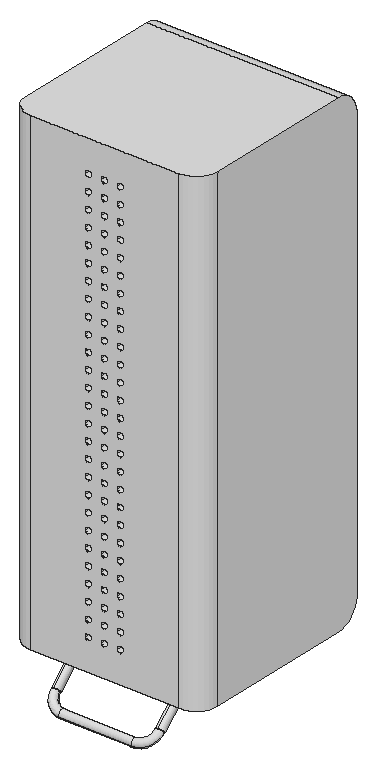
Revit family "PROOX Soap- desinfection dispenser EN", category Furniture, Revit 2014
Parameters (values of type "ONE pure")
  URL = "http://www.proox.com/"
  Type Comments = "ONE pure"
  Product webpage [instance] = "http://www.proox.com/EN/products/soap-dispenser/one-pure/"
  Product data sheet = "http://www.proox.com/fileadmin/dam/Download/Produktdatenbl%C3%A4tter/english/Productspecification_PU-140.pdf"
  Model = "PU-140"
  Material = Stainless steel, brushed
  Manufacturer = "PROOX Ltd."  # constant formula
  Keynote = ""
  EAN-No. = "9120050350045"
  Description = "soap- desinfection dispenser PROOX ONE pure made from stainless steel"
  Cost = 215
  BIM objects producer = "www.BIMtelligent.eu"  # constant formula
  Specification = "Soap- desinfection dispenser made out of stainless steel. Surface with fine brushed structure. Cover 1.5 mm thickness. Intended for wall mounting. Perforated fill level indicator with 4mm drillings. Soap dispenser lever made out of stainless steel. High quality pump. Filling bin with lid. 1.2 litres capacity. The unit can be dismounted for cleaning purpose. Lock not visible. Includes stainless steel screws and anchors."
Types (3, lengths in mm): name | Type Comments | Product webpage | Product data sheet | Model | Material | EAN-No. | Description | Cost | Specification
  (no name) | "ONE pure" | "http://www.proox.com/EN/products/soap-dispenser/one-pure/" | "http://www.proox.com/fileadmin/dam/Download/Produktdatenbl%C3%A4tter/english/Productspecification_PU-140.pdf" | "PU-140" | Stainless steel, brushed | "9120050350045" | "soap- desinfection dispenser PROOX ONE pure made from stainless steel" | 215 | "Soap- desinfection dispenser made out of stainless steel. Surface with fine brushed structure. Cover 1.5 mm thickness. Intended for wall mounting. Perforated fill level indicator with 4mm drillings. Soap dispenser lever made out of stainless steel. High quality pump. Filling bin with lid. 1.2 litres capacity. The unit can be dismounted for cleaning purpose. Lock not visible. Includes stainless steel screws and anchors."
  ONE pure | "ONE pure" | "http://www.proox.com/EN/products/soap-dispenser/one-pure/" | "http://www.proox.com/fileadmin/dam/Download/Produktdatenbl%C3%A4tter/english/Productspecification_PU-140.pdf" | "PU-140" | Stainless steel, brushed | "9120050350045" | "soap- desinfection dispenser PROOX ONE pure made from stainless steel" | 215 | "Soap- desinfection dispenser made out of stainless steel. Surface with fine brushed structure. Cover 1.5 mm thickness. Intended for wall mounting. Perforated fill level indicator with 4mm drillings. Soap dispenser lever made out of stainless steel. High quality pump. Filling bin with lid. 1.2 litres capacity. The unit can be dismounted for cleaning purpose. Lock not visible. Includes stainless steel screws and anchors."
  ONE dark passion | "ONE dark passion" | "http://www.proox.com/EN/products/soap-dispenser/one-dark-passion/" | "http://www.proox.com/fileadmin/dam/Download/Produktdatenbl%C3%A4tter/english/Productspecification_DP-140.pdf" | "DP-140" | Aluminum, black anodised | "9120050350182" | "soap-desinfection dispenser PROOX ONE dark passion made from aluminum black anodized" | 245 | "Soap- desinfection dispenser made out from glass pearl blasted and black anodised aluminum. Cover 3 mm thickness. Intended for wall mounting. Perforated fill level indicator with 4mm drillings. Soap dispenser lever made out of stainless steel. High quality pump. Filling bin with lid. 1.2 litres capacity. The unit can be dismounted for cleaning purpose. Lock not visible. Includes stainless steel screws and anchors."
Reference planes
  plane 1 "Center (Front/Back)": y = 0
  plane 2: z = 0
  plane 3 "Center (Left/Right)": x = 0
Forms (mm)
  Extrusion 1, solid, material "Stainless steel, brushed" <- "Material", detail levels coarse+medium
    sketch origin (0, 0, 0) x (1, 0, 0) y (0, 1, 0)
      loop
        line (-60, 0) -> (-60, -122) -> (60, -122) -> (60, 0) -> (-60, 0)
    from 0 to 300
  Extrusion 2, solid, material "Stainless steel, brushed" <- "Material", detail levels fine
    sketch origin (0, 0, 0) x (1, 0, 0) y (0, 1, 0)
      loop
        line (-60, 0) -> (-60, -108.5)
        arc (-60, -108.5) -> (-56.046, -118.046) -> (-46.5, -122) r 13.5
        line (-46.5, -122) -> (46.5, -122)
        arc (46.5, -122) -> (56.046, -118.046) -> (60, -108.5) r 13.5
        line (60, -108.5) -> (60, 0) -> (-60, 0)
    from 0 to 300
  Extrusion 3, void
    sketch origin (0, 0, 0) x (0, 1, 0) y (0, 0, 1)
      loop
        line (0, 0) -> (0, 14)
        arc (0, 14) -> (-4.101, 4.101) -> (-14, 0) r 14
        line (-14, 0) -> (0, 0)
      loop
        line (0, 300) -> (-14, 300)
        arc (-14, 300) -> (-4.101, 295.899) -> (0, 286) r 14
        line (0, 286) -> (0, 300)
    from -60 to 60
  Extrusion 4, void
    sketch origin (0, 0, 0) x (1, 0, 0) y (0, 0, 1)
      loop
        circle (-10, 280) r 2
      loop
        circle (0, 280) r 2
      loop
        circle (10, 280) r 2
      loop
        circle (-10, 270) r 2
      loop
        circle (0, 270) r 2
      loop
        circle (10, 270) r 2
      loop
        circle (-10, 260) r 2
      loop
        circle (0, 260) r 2
      loop
        circle (10, 260) r 2
      loop
        circle (-10, 250) r 2
      loop
        circle (0, 250) r 2
      loop
        circle (10, 250) r 2
      loop
        circle (-10, 240) r 2
      loop
        circle (0, 240) r 2
      loop
        circle (10, 240) r 2
      loop
        circle (-10, 230) r 2
      loop
        circle (0, 230) r 2
      loop
        circle (10, 230) r 2
      loop
        circle (-10, 220) r 2
      loop
        circle (0, 220) r 2
      loop
        circle (10, 220) r 2
      loop
        circle (-10, 210) r 2
      loop
        circle (0, 210) r 2
      loop
        circle (10, 210) r 2
      loop
        circle (-10, 200) r 2
      loop
        circle (0, 200) r 2
      loop
        circle (10, 200) r 2
      loop
        circle (-10, 190) r 2
      loop
        circle (0, 190) r 2
      loop
        circle (10, 190) r 2
      loop
        circle (-10, 180) r 2
      loop
        circle (0, 180) r 2
      loop
        circle (10, 180) r 2
      loop
        circle (-10, 170) r 2
      loop
        circle (0, 170) r 2
      loop
        circle (10, 170) r 2
      loop
        circle (-10, 160) r 2
      loop
        circle (0, 160) r 2
      loop
        circle (10, 160) r 2
      loop
        circle (-10, 150) r 2
      loop
        circle (0, 150) r 2
      loop
        circle (10, 150) r 2
      loop
        circle (-10, 140) r 2
      loop
        circle (0, 140) r 2
      loop
        circle (10, 140) r 2
      loop
        circle (-10, 130) r 2
      loop
        circle (0, 130) r 2
      loop
        circle (10, 130) r 2
      loop
        circle (-10, 120) r 2
      loop
        circle (0, 120) r 2
      loop
        circle (10, 120) r 2
      loop
        circle (-10, 110) r 2
      loop
        circle (0, 110) r 2
      loop
        circle (10, 110) r 2
      loop
        circle (-10, 100) r 2
      loop
        circle (0, 100) r 2
      loop
        circle (10, 100) r 2
      loop
        circle (-10, 90) r 2
      loop
        circle (0, 90) r 2
      loop
        circle (10, 90) r 2
      loop
        circle (-10, 80) r 2
      loop
        circle (0, 80) r 2
      loop
        circle (10, 80) r 2
      loop
        circle (-10, 70) r 2
      loop
        circle (0, 70) r 2
      loop
        circle (10, 70) r 2
      loop
        circle (-10, 60) r 2
      loop
        circle (0, 60) r 2
      loop
        circle (10, 60) r 2
      loop
        circle (-10, 50) r 2
      loop
        circle (0, 50) r 2
      loop
        circle (10, 50) r 2
      loop
        circle (-10, 40) r 2
      loop
        circle (0, 40) r 2
      loop
        circle (10, 40) r 2
      loop
        circle (-10, 30) r 2
      loop
        circle (0, 30) r 2
      loop
        circle (10, 30) r 2
      loop
        circle (-10, 20) r 2
      loop
        circle (0, 20) r 2
      loop
        circle (10, 20) r 2
    from 122 to 100
  Sweep 5, solid, material "Stainless steel, brushed" <- "Material", detail levels fine
    path origin (-32.39, -102.301, -34.698) x (0, 0, 1) y (0, 1, 0)
      loop
        line (67.36, 12.534) -> (40.314, 6.29)
        arc (40.314, 6.29) -> (37.483, 5.169) -> (35.111, 3.262) r 10.18
        line (35.111, 3.262) -> (16.264, -17.463)
    profile origin (-32.39, -92.889, 19.139) x (0, -0.97437, 0.224951) y (-1, 0, 0)
      loop
        circle (0, 0) r 2.5
  Sweep 6, solid, material "Stainless steel, brushed" <- "Material", detail levels fine
    path origin (-32.39, -127.077, -25.085) x (1, 0, 0) y (0, -0.739825, -0.672799)
      loop
        arc (0, -9.885) -> (2.895, -2.895) -> (9.885, 0) r 9.885
        line (9.885, 0) -> (55.352, 0)
        arc (55.352, 0) -> (62.342, -2.895) -> (65.237, -9.885) r 9.885
    profile origin (-29.495, -124.935, -23.137) x (-0.707107, -0.523135, -0.475741) y (0, 0.672799, -0.739825)
      loop
        circle (0, 0) r 2.5
  Sweep 7, solid, material "Stainless steel, brushed" <- "Material", detail levels fine
    path origin (32.847, -102.301, -34.698) x (0, 0, 1) y (0, 1, 0)
      loop
        line (67.36, 12.534) -> (40.314, 6.29)
        arc (40.314, 6.29) -> (37.483, 5.169) -> (35.111, 3.262) r 10.18
        line (35.111, 3.262) -> (16.264, -17.463)
    profile origin (32.847, -92.889, 19.139) x (0, -0.97437, 0.224951) y (-1, 0, 0)
      loop
        circle (0, 0) r 2.5
Cuts and joins
  Extrusion 3, Extrusion 4 cuts Extrusion 2
Lines and regions (mm)
  reference lines
    curve 1: circle (-10, 0, 280) r 2 normal (0, -1, 0)
    curve 2: circle (0, 0, 280) r 2 normal (0, -1, 0)
    curve 3: circle (10, 0, 280) r 2 normal (0, -1, 0)
Dimensions and locks
  radius of Extrusion 2 sketch curve = 13.5 mm  (x2)
  radius of Extrusion 3 sketch curve = 14 mm  (x2)
  aligned and locked: level to plane 2
  aligned and locked: Extrusion 4 sketch curve to curve 1
  aligned and locked: Extrusion 4 sketch curve to curve 2
  aligned and locked: Extrusion 4 sketch curve to curve 3
